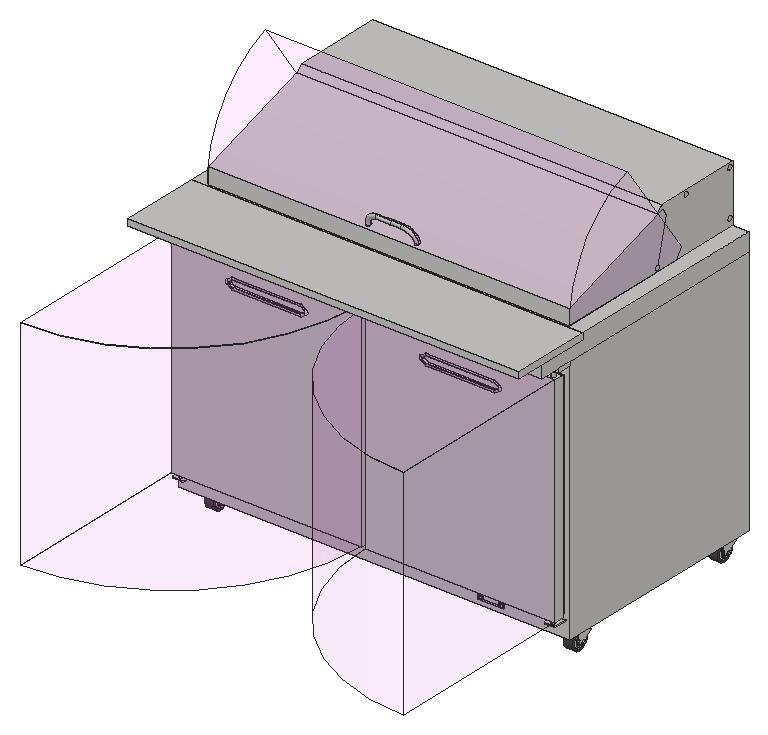
Revit family "QF_Kelvinator_738260_KCHMT48.18_2-Door_Mega_Top_Prep_48_Long", category Specialty Equipment, Revit 2021
Family settings
  Round Connector Dimension = Use Diameter
  Part Type = Normal
  Work Plane-Based = No
  Always vertical = Yes
  Cut with Voids When Loaded = No
  Shared = No
  Room Calculation Point = No
Parameters
  Weight in Pounds = 227.076
  Watts = 700 W
  Volts = 115 V
  URL Cutsheet = ""
  Specification by User = ""
  Specification by Manufacturer = ""
  Serial Number = ""
  Seismic Rating = ""
  SMACNA No = ""
  Revision Code = ""
  Refrigerant Type = "R290"
  Phase = 1
  Number of Poles = 1
  NAFEM Spec ID Number = ""
  Model = "738260 (KCHMT48.18)"
  Min Ckt Ampacity = 0 A
  Max Overcurrent Protection = 0 A
  Masterspec = ""
  Manufacturer = "Kelvinator Commercial"
  Length = 48.228"
  Item Number = "738260"
  Installed By = ""
  Identify Quantity as Lot = yes
  Height = 43.307"
  HP = "1/3"
  Furnished By = ""
  Foodservice Equipment Identifier = yes
  FL Amps = 4.3 A
  Electrical Remarks = ""
  Electric Connection Type = ""
  Elec Conn RI Height = 0.000"
  Elec Conn Connection Height = 0.000"
  Description = "2-Door Mega Top Prep 48\" Long"
  Depth = 35.433"
  Default Elevation = 0.000"
  Cycle = 60 Hz
  Conn Plug = "5-15P"
  Conn Conduit = yes
  CSI MasterFormat = ""
  Apparent Power = 0 VA
Reference planes (in)
  plane 1 "BACK": y = 0
  plane 2: z = 0
  plane 3 "LEFT": x = 0
  plane 4 "RIGHT": x = 48.228
  plane 5 "FRONT": y = -35.433
  plane 6 "TOP": z = 43.307
  plane 7 "Center Y": x = 24.114
  plane 8 "Center X": y = -17.7165
Dimensions and locks (in)
  equal spacing: plane 3 "LEFT", plane 7 "Center Y", plane 4 "RIGHT"
  "Length": plane 3 "LEFT" to plane 4 "RIGHT"
  equal spacing: plane 5 "FRONT", plane 8 "Center X", plane 1 "BACK"
  "Depth": plane 5 "FRONT" to plane 1 "BACK"
  "Height": plane 6 "TOP" to level
  aligned and locked: level to plane 2
Nested families (in)
  nested 1: "KCHST" at (0, 0, 0), type "KCHST"
    with Show Clearance yes
Connectors (in)
  electrical at (24.103, -0.87772, 2.31881), driven by "Volts", driven by "Watts"
    settings: on nested 1, index 1, voltage 115 V, apparent load 700 VA, apparent load phase1 0 VA, apparent load phase2 0 VA, apparent load phase3 0 VA, power factor 1, load classification "Power", number of poles 1, system type 30, power factor state 1, is connector primary yes, connector utility no, sub classification motor no, connector description "Electrical Connection"
Definition of nested family "KCHST"
  Parameters (values of type "KCHST")
    Weight in Pounds = 0
    URL Cutsheet = ""
    Specification by User = ""
    Specification by Manufacturer = ""
    Show Clearance [instance] = yes
    Serial Number = ""
    Seismic Rating = ""
    SMACNA No = ""
    Revision Code = ""
    NAFEM Spec ID Number = ""
    Masterspec = ""
    Length = 48.228"
    Item Number = ""
    Installed By = ""
    Identify Quantity as Lot = yes
    Height = 43.307"
    Furnished By = ""
    Foodservice Equipment Identifier = yes
    Depth = 35.433"
    Default Elevation = 0.000"
    CSI MasterFormat = ""
  Reference planes (in)
    plane 1 "BACK": y = 0
    plane 2: z = 0
    plane 3 "LEFT": x = 0
    plane 4 "RIGHT": x = 48.228
    plane 5 "FRONT": y = -35.433
    plane 6 "TOP": z = 43.307
    plane 7 "Center Y": x = 24.114
    plane 8 "Center X": y = -17.7165
    plane 9: z = 3.1
    plane 10: z = 33.9
    plane 11: y = -25.5
    plane 12: z = 36.2
    plane 13: y = -56
    plane 14: y = -29.2
    plane 15: z = 32.4
    plane 16: z = 5.6
    plane 17: y = -27.5
    plane 18: x = 46.228
    plane 19: x = 2
    plane 20: x = 0.5
    plane 21: x = 47.75
    plane 22: x = 23.875
    plane 23: x = 0.74536
    plane 24: x = 23.62964
    plane 25: x = 12.1875
    plane 26: x = 47.50464
    plane 27: x = 24.62036
    plane 28: x = 36.0625
    plane 29: x = 46.375
    plane 30: x = 1.875
    plane 31: x = 1.945
    plane 32: x = 46.305
    plane 33: y = -31.9
    plane 34: x = 1.17596
    plane 35: through (0, -10.15325, 41.03734) normal (0, 0.9659, -0.2588)
    plane 36: x = 46.43
    plane 37: x = 1.82
  Forms (in)
    Extrusion 1, solid
      sketch origin (0, 0, 0) x (0, 1, 0) y (0, 0, 1)
        loop
          line (-27.5, 33.9) -> (-27.5, 3.1) -> (0, 3.1) -> (0, 33.9) -> (-27.5, 33.9)
      from 0 to 48.228
    Extrusion 2, solid
      sketch origin (0, 0, 0) x (0, 1, 0) y (0, 0, 1)
        loop
          line (-25.5, 36.2) -> (-25.5, 35.45) -> (-31.9, 35.45) -> (-31.9, 33.9) -> (0, 33.9) -> (0, 36.2) -> (-25.5, 36.2)
      from 0 to 48.228
    Extrusion 3, solid
      sketch origin (0, 0, 0) x (0, 1, 0) y (0, 0, 1)
        loop
          line (-35.433, 36.2) -> (-35.433, 35.45) -> (-25.5, 35.45) -> (-25.5, 36.2) -> (-35.433, 36.2)
      from 0 to 48.228
    Extrusion 4, solid
      sketch origin (0, 0, 0) x (0, 1, 0) y (0, 0, 1)
        loop
          line (-25.25, 36.2) -> (-12.40435, 36.2003)
          arc (-12.40435, 36.2003) -> (-12.06401, 36.30019) -> (-11.82007, 36.55768) r 0.68096
          line (-11.82007, 36.55768) -> (-10.4206, 41.90007) -> (-10.85311, 42.7135) -> (-25.25, 38.08871) -> (-25.25, 36.2)
      from 1.875 to 46.375
    Extrusion 5, solid
      sketch origin (0, 0, 0) x (0, 1, 0) y (0, 0, 1)
        loop
          line (-12.40434, 36.2) -> (0, 36.2) -> (0, 43.307) -> (-10.99775, 43.307) -> (-11.56426, 42.49794) -> (-10.85311, 42.7135) -> (-10.4206, 41.90007) -> (-11.82007, 36.55768)
          arc (-11.82007, 36.55768) -> (-12.06401, 36.30019) -> (-12.40434, 36.2) r 0.68096
      from 1.945 to 46.305
    Extrusion 6, solid
      sketch origin (46.375, 4.71875, 0) x (0, 1, 0) y (0, 0, 1)
        loop
          circle (-16.51178, 36.72547) r 0.25
      from 0 to 0.07437
    Extrusion 7, solid
      sketch origin (46.305, -0.03482, 0) x (0, 1, 0) y (0, 0, 1)
        loop
          circle (-0.51178, 37.22547) r 0.25
      from 0 to 0.07
    Extrusion 8, solid
      sketch origin (46.305, -0.03482, 0) x (0, 1, 0) y (0, 0, 1)
        loop
          circle (-0.51178, 42.84497) r 0.25
      from 0 to 0.07
    Extrusion 9, solid
      sketch origin (46.305, -0.03482, 0) x (0, 1, 0) y (0, 0, 1)
        loop
          circle (-7.26178, 42.84497) r 0.25
      from 0 to 0.07
    Extrusion 10, solid
      sketch origin (1.875, 4.71875, 0) x (0, -1, 0) y (0, 0, 1)
        loop
          circle (16.51178, 36.72547) r 0.25
      from 0 to 0.07437
    Extrusion 11, solid
      sketch origin (1.945, 0, 0) x (0, -1, 0) y (0, 0, 1)
        loop
          circle (0.5466, 37.22547) r 0.25
      from 0 to 0.07
    Extrusion 12, solid
      sketch origin (1.945, 0, 0) x (0, -1, 0) y (0, 0, 1)
        loop
          circle (0.5466, 42.84497) r 0.25
      from 0 to 0.07
    Extrusion 13, solid
      sketch origin (1.945, 0, 0) x (0, -1, 0) y (0, 0, 1)
        loop
          circle (7.2966, 42.84497) r 0.25
      from 0 to 0.07
    Sweep 14, solid
      path origin (0, 2.96099, 7.94805) x (1, 0, 0) y (0, -0.29008, 0.957002)
        loop
          line (21.8125, 37.02813) -> (21.8125, 37.18438)
          arc (21.8125, 37.18438) -> (22.03217, 37.71471) -> (22.5625, 37.93438) r 0.75
          line (22.5625, 37.93438) -> (24.4375, 37.93438) -> (25.6875, 37.93438)
          arc (25.6875, 37.93438) -> (26.21783, 37.71471) -> (26.4375, 37.18438) r 0.75
          line (26.4375, 37.18438) -> (26.4375, 37.02813)
      profile origin (25.0625, -8.04303, 44.25134) x (0, -0.29008, 0.957002) y (0, -0.957002, -0.29008)
        loop
          circle (0.69146, 17.59878) r 0.25
    Extrusion 15, solid
      sketch origin (0, 0, 0) x (0, 1, 0) y (0, 0, 1)
        loop
          line (-29.2, 33.9) -> (-29.2, 33.4) -> (-27.5, 33.4) -> (-27.5, 33.9) -> (-29.2, 33.9)
      from 0 to 48.228
    Extrusion 16, solid
      sketch origin (24.114, 6.90541, 48) x (0, 1, 0) y (0, 0, 1)
        loop
          line (-36.10541, -15.6) -> (-36.10541, -42.4) -> (-34.95211, -42.4) -> (-34.95211, -15.6) -> (-36.10541, -15.6)
      from -0.239 to -23.614
    Extrusion 17, solid
      sketch origin (0, 0, 0) x (0, 1, 0) y (0, 0, 1)
        loop
          line (-28.04671, 32.20449) -> (-28.04671, 5.81322) -> (-27.79671, 5.81322) -> (-27.79671, 32.20449) -> (-28.04671, 32.20449)
      from 0.74536 to 23.62964
    Extrusion 18, solid
      sketch origin (0, 0.25, 0) x (0, 1, 0) y (0, 0, 1)
        loop
          line (-28.04671, 32.20449) -> (-28.04671, 5.81322) -> (-27.864, 5.81322) -> (-27.864, 32.20449) -> (-28.04671, 32.20449)
      from 0.74536 to 23.62964
    Extrusion 19, solid
      sketch origin (0, 0.4327, 0) x (0, 1, 0) y (0, 0, 1)
        loop
          line (-28.04671, 32.20449) -> (-28.04671, 5.81322) -> (-27.9327, 5.81322) -> (-27.9327, 32.20449) -> (-28.04671, 32.20449)
      from 0.74536 to 23.62964
    Extrusion 20, solid
      sketch origin (-5.72957, -27.5, -4.77927) x (-1, 0, 0) y (0, 0, 1)
        loop
          line (-42.67533, 9.70772) -> (-45.82493, 9.70772) -> (-45.82493, 8.52662) -> (-42.67533, 8.52662) -> (-42.67533, 9.70772)
        loop
          line (-42.75407, 9.63107) -> (-43.14777, 9.63107) -> (-43.14777, 9.31193) -> (-42.75407, 9.31193) -> (-42.75407, 9.63107)
        loop
          line (-42.75407, 9.27674) -> (-43.14777, 9.27674) -> (-43.14777, 8.9576) -> (-42.75407, 8.9576) -> (-42.75407, 9.27674)
        loop
          line (-42.75407, 8.92241) -> (-43.14777, 8.92241) -> (-43.14777, 8.60327) -> (-42.75407, 8.60327) -> (-42.75407, 8.92241)
        loop
          line (-45.74619, 9.63107) -> (-45.74619, 9.31193) -> (-45.35249, 9.31193) -> (-45.35249, 9.63107) -> (-45.74619, 9.63107)
        loop
          line (-45.74619, 9.27674) -> (-45.74619, 8.9576) -> (-45.35249, 8.9576) -> (-45.35249, 9.27674) -> (-45.74619, 9.27674)
        loop
          line (-45.74619, 8.92241) -> (-45.74619, 8.60327) -> (-45.35249, 8.60327) -> (-45.35249, 8.92241) -> (-45.74619, 8.92241)
        loop
          line (-43.22525, 9.63107) -> (-45.27501, 9.63107) -> (-45.27501, 8.60716) -> (-43.22525, 8.60716) -> (-43.22525, 9.63107)
      from 0.07874 to -0.04602
    Extrusion 21, solid
      sketch origin (-5.72957, -27.54602, -4.77927) x (1, 0, 0) y (0, 0, 1)
        loop
          line (45.35249, 9.63107) -> (45.35249, 9.31193) -> (45.74619, 9.31193) -> (45.74619, 9.63107) -> (45.35249, 9.63107)
        loop
          line (45.35249, 9.27674) -> (45.35249, 8.9576) -> (45.74619, 8.9576) -> (45.74619, 9.27674) -> (45.35249, 9.27674)
        loop
          line (45.35249, 8.92241) -> (45.35249, 8.60327) -> (45.74619, 8.60327) -> (45.74619, 8.92241) -> (45.35249, 8.92241)
        loop
          line (43.14777, 9.63107) -> (42.75407, 9.63107) -> (42.75407, 9.31193) -> (43.14777, 9.31193) -> (43.14777, 9.63107)
        loop
          line (43.14777, 9.27674) -> (42.75407, 9.27674) -> (42.75407, 8.9576) -> (43.14777, 8.9576) -> (43.14777, 9.27674)
        loop
          line (43.14777, 8.92241) -> (42.75407, 8.92241) -> (42.75407, 8.60327) -> (43.14777, 8.60327) -> (43.14777, 8.92241)
      from 0 to -0.07874
    Extrusion 22, solid
      sketch origin (-5.72957, -27.54602, -4.77927) x (1, 0, 0) y (0, 0, 1)
        loop
          line (43.22525, 9.63107) -> (43.22525, 8.60716) -> (45.27501, 8.60716) -> (45.27501, 9.63107) -> (43.22525, 9.63107)
      from 0 to -0.07874
    Extrusion 23, void
      sketch origin (-5.72957, -27.5, -4.77927) x (-1, 0, 0) y (0, 0, 1)
        loop
          line (-42.67533, 9.70772) -> (-45.82493, 9.70772) -> (-45.82493, 8.52662) -> (-42.67533, 8.52662) -> (-42.67533, 9.70772)
      from 0 to 0.07874
    Extrusion 24, void
      sketch origin (-37.40318, -29.19996, 31.5181) x (0, 0, 1) y (1, 0, 0)
        loop
          line (-1.94791, 45.41568) -> (-1.94791, 53.76568) -> (-2.28604, 54.30668)
          arc (-2.28604, 54.30668) -> (-2.38541, 54.36176) -> (-2.48479, 54.30668) r 0.11719
          line (-2.48479, 54.30668) -> (-2.82291, 53.76568) -> (-2.82291, 45.41568) -> (-2.48621, 44.87696)
          arc (-2.48621, 44.87696) -> (-2.38541, 44.82109) -> (-2.28462, 44.87696) r 0.11887
          line (-2.28462, 44.87696) -> (-1.94791, 45.41568)
      from 0 to 0.31887
    Sweep 25, solid
      path origin (-37.40318, -26.39996, 31.5181) x (0, 0, -1) y (1, 0, 0)
        loop
          line (2.82291, 53.76568) -> (2.48479, 54.30668)
          arc (2.48479, 54.30668) -> (2.38541, 54.36176) -> (2.28604, 54.30668) r 0.11719
          line (2.28604, 54.30668) -> (1.94791, 53.76568) -> (1.94791, 45.41568) -> (2.28462, 44.87696)
          arc (2.28462, 44.87696) -> (2.38541, 44.82109) -> (2.48621, 44.87696) r 0.11887
          line (2.48621, 44.87696) -> (2.82291, 45.41568) -> (2.82291, 53.76568)
      profile origin (12.1875, -26.39996, 28.69519) x (0, 0, -1) y (0, -1, 0)
        loop
          line (0, 2.8) -> (0.25, 2.8)
          arc (0.25, 2.8) -> (0.125, 2.85269) -> (0, 2.8) r 0.17461
    Extrusion 26, solid
      sketch origin (-9.65625, -3.56521, 3.1) x (-1, 0, 0) y (0, 1, 0)
        loop
          circle (-33.75925, 2.68749) r 0.25
      from 0 to 0.78119
    Extrusion 27, solid
      sketch origin (24.114, 6.90541, 48) x (0, 1, 0) y (0, 0, -1)
        loop
          line (-36.10541, 15.6) -> (-34.95211, 15.6) -> (-34.95211, 42.4) -> (-36.10541, 42.4) -> (-36.10541, 15.6)
      from -0.25 to -23.625
    Extrusion 28, solid
      sketch origin (48.25, 0, 0) x (0, 1, 0) y (0, 0, -1)
        loop
          line (-28.04671, -32.20449) -> (-27.79671, -32.20449) -> (-27.79671, -5.81322) -> (-28.04671, -5.81322) -> (-28.04671, -32.20449)
      from 0.74536 to 23.62964
    Extrusion 29, solid
      sketch origin (48.25, 0.25, 0) x (0, 1, 0) y (0, 0, -1)
        loop
          line (-28.04671, -32.20449) -> (-27.864, -32.20449) -> (-27.864, -5.81322) -> (-28.04671, -5.81322) -> (-28.04671, -32.20449)
      from 0.74536 to 23.62964
    Extrusion 30, solid
      sketch origin (48.25, 0.4327, 0) x (0, 1, 0) y (0, 0, -1)
        loop
          line (-28.04671, -32.20449) -> (-27.9327, -32.20449) -> (-27.9327, -5.81322) -> (-28.04671, -5.81322) -> (-28.04671, -32.20449)
      from 0.74536 to 23.62964
    Extrusion 31, void
      sketch origin (85.65318, -29.19996, 31.5181) x (0, 0, 1) y (1, 0, 0)
        loop
          line (-1.94791, -45.41568) -> (-2.28462, -44.87696)
          arc (-2.28462, -44.87696) -> (-2.38541, -44.82109) -> (-2.48621, -44.87696) r 0.11887
          line (-2.48621, -44.87696) -> (-2.82291, -45.41568) -> (-2.82291, -53.76568) -> (-2.48479, -54.30668)
          arc (-2.48479, -54.30668) -> (-2.38541, -54.36176) -> (-2.28604, -54.30668) r 0.11719
          line (-2.28604, -54.30668) -> (-1.94791, -53.76568) -> (-1.94791, -45.41568)
      from 0 to 0.31887
    Sweep 32, solid
      path origin (85.65318, -26.39996, 31.5181) x (0, 0, -1) y (1, 0, 0)
        loop
          line (2.82291, -53.76568) -> (2.82291, -45.41568) -> (2.48621, -44.87696)
          arc (2.48621, -44.87696) -> (2.38541, -44.82109) -> (2.28462, -44.87696) r 0.11887
          line (2.28462, -44.87696) -> (1.94791, -45.41568) -> (1.94791, -53.76568) -> (2.28604, -54.30668)
          arc (2.28604, -54.30668) -> (2.38541, -54.36176) -> (2.48479, -54.30668) r 0.11719
          line (2.48479, -54.30668) -> (2.82291, -53.76568)
      profile origin (36.0625, -26.39996, 28.69519) x (0, 0, 1) y (0, -1, 0)
        loop
          arc (0, 2.8) -> (-0.125, 2.85269) -> (-0.25, 2.8) r 0.17461
          line (-0.25, 2.8) -> (0, 2.8)
    Extrusion 33, solid, visible <- "Show Clearance"
      sketch origin (1.875, -180, 49.90154) x (0, 0, 1) y (0, 1, 0)
        loop
          line (-13.70154, 171.19789) -> (-13.70154, 154.75) -> (-12.38464, 154.75)
          arc (-12.38464, 154.75) -> (-5.11815, 157.4002) -> (-0.50452, 163.60825) r 13.48022
          line (-0.50452, 163.60825) -> (-12.54948, 171.94903) -> (-13.70154, 171.19789)
      from 0.055 to -44.555
    Extrusion 34, solid
      sketch origin (24.114, -28.04671, 5.6) x (-1, 0, 0) y (0, 1, 0)
        loop
          arc (0.239, -1.15329) -> (7.08538, -17.68191) -> (23.614, -24.52829) r 23.375
          line (23.614, -24.52829) -> (23.614, -1.15329) -> (0.239, -1.15329)
        loop
          line (-0.261, -1.15329) -> (-23.636, -1.15329) -> (-23.636, -24.52829)
          arc (-23.636, -24.52829) -> (-7.10738, -17.68191) -> (-0.261, -1.15329) r 23.375
      from 0 to -26.8
    Revolve 35, solid
      sketch origin (1.17596, -180, 34.96434) x (0, 0, 1) y (0, -1, 0)
        loop
          line (-2.56434, -151.37665) -> (-2.56434, -151.62665) -> (-1.81434, -151.62665) -> (-1.81434, -151.87665) -> (-1.56434, -151.87665) -> (-1.56434, -151.37665) -> (-2.56434, -151.37665)
        axis (-1.56434, -151.37665) -> (-2.56434, -151.37665)
      angle from 0 to 360
    Revolve 36, solid
      sketch origin (47.07404, -180, 34.96434) x (0, 0, 1) y (0, 1, 0)
        loop
          line (-2.56434, 151.37665) -> (-1.56434, 151.37665) -> (-1.56434, 151.87665) -> (-1.81434, 151.87665) -> (-1.81434, 151.62665) -> (-2.56434, 151.62665) -> (-2.56434, 151.37665)
        axis (-1.56434, 151.37665) -> (-2.56434, 151.37665)
      angle from 0 to 360
    Extrusion 37, solid
      sketch origin (1.17596, -28.62335, 5.1563) x (0, 1, 0) y (1, 0, 0)
        loop
          arc (0.95335, -0.67596) -> (1.07356, -0.62616) -> (1.12335, -0.50596) r 0.17
          line (1.12335, -0.50596) -> (1.12335, 0.92316)
          arc (1.12335, 0.92316) -> (1.05692, 1.05641) -> (0.91052, 1.08354) r 0.16684
          line (0.91052, 1.08354) -> (-0.4535, 0.69241)
          arc (-0.4535, 0.69241) -> (-0.54241, 0.63131) -> (-0.57665, 0.529) r 0.17
          line (-0.57665, 0.529) -> (-0.57665, -0.50596)
          arc (-0.57665, -0.50596) -> (-0.52685, -0.62616) -> (-0.40665, -0.67596) r 0.17
          line (-0.40665, -0.67596) -> (0.95335, -0.67596)
        loop
          line (0.95335, 46.57404) -> (-0.40665, 46.57404)
          arc (-0.40665, 46.57404) -> (-0.52685, 46.52425) -> (-0.57665, 46.40404) r 0.17
          line (-0.57665, 46.40404) -> (-0.57665, 45.36909)
          arc (-0.57665, 45.36909) -> (-0.54241, 45.26678) -> (-0.4535, 45.20568) r 0.17
          line (-0.4535, 45.20568) -> (0.91052, 44.81455)
          arc (0.91052, 44.81455) -> (1.05692, 44.84168) -> (1.12335, 44.97493) r 0.16684
          line (1.12335, 44.97493) -> (1.12335, 46.40404)
          arc (1.12335, 46.40404) -> (1.07356, 46.52425) -> (0.95335, 46.57404) r 0.17
      from 0 to 0.08076
    Revolve 38, solid
      sketch origin (1.17596, -180, 3.03566) x (0, 0, -1) y (0, 1, 0)
        loop
          line (-2.56434, 151.37665) -> (-2.12064, 151.37665) -> (-2.12064, 151.62665) -> (-2.56434, 151.62665) -> (-2.56434, 151.37665)
        axis (-2.12064, 151.37665) -> (-2.56434, 151.37665)
      angle from 0 to 360
    Revolve 39, solid
      sketch origin (47.07404, -180, 3.03566) x (0, 0, -1) y (0, -1, 0)
        loop
          line (-2.56434, -151.37665) -> (-2.56434, -151.62665) -> (-2.12064, -151.62665) -> (-2.12064, -151.37665) -> (-2.56434, -151.37665)
        axis (-2.12064, -151.37665) -> (-2.56434, -151.37665)
      angle from 0 to 360
  Cuts and joins
    Extrusion 23 cuts Extrusion 20
    Extrusion 24, Extrusion 31 cuts Extrusion 16
    Extrusion 31 cuts Extrusion 27
    joined: Extrusion 4, Sweep 14
  Lines and regions (in)
    symbolic lines
      curve 1: line (48.25, -35.433, 0) -> (48.25, 0, 0)
      curve 2: line (48.25, 0, 0) -> (0, 0, 0)
      curve 3: line (0, 0, 0) -> (0, -35.433, 0)
      curve 4: line (0, -25.5, 0) -> (25.94295, -25.5, 0)
      curve 5: line (0, -35.433, 0) -> (48.25, -35.433, 0)
      curve 6: line (0, -25.25, 0) -> (21.67592, -25.25, 0)
      curve 7: line (1.945, -11.09776, 0) -> (46.305, -11.09776, 0)
      curve 8: line (1.945, -10.53125, 0) -> (46.305, -10.53125, 0)
      curve 9: line (46.305, -11.09776, 0) -> (46.305, 0, 0)
      curve 10: line (46.375, -11.54303, 0) -> (46.44937, -11.54303, 0)
      curve 11: line (46.375, -12.04303, 0) -> (46.44937, -12.04303, 0)
      curve 12: line (46.375, -9.9541, 0) -> (46.305, -9.9541, 0)
      curve 13: line (46.375, -10.38661, 0) -> (46.305, -10.38661, 0)
      curve 14: line (46.375, -7.51178, 0) -> (46.305, -7.51178, 0)
      curve 15: line (46.375, -7.01178, 0) -> (46.305, -7.01178, 0)
      curve 16: line (46.375, -0.76178, 0) -> (46.305, -0.76178, 0)
      curve 17: line (46.375, -0.26178, 0) -> (46.305, -0.26178, 0)
      curve 18: spline (20.87104, -24.59101, 0) -> (20.87956, -24.53388, 0) -> (20.90453, -24.48064, 0) -> (20.94426, -24.43492, 0) -> (20.99604, -24.39984, 0) -> (21.05634, -24.37779, 0) -> (21.12104, -24.37027, 0) -> (21.18575, -24.37779, 0) -> (21.24604, -24.39984, 0) -> (21.29782, -24.43492, 0) -> (21.33755, -24.48064, 0) -> (21.36252, -24.53388, 0) -> (21.37104, -24.59101, 0)
      curve 19: spline (26.87896, -24.59101, 0) -> (26.88748, -24.53388, 0) -> (26.91245, -24.48064, 0) -> (26.95218, -24.43492, 0) -> (27.00396, -24.39984, 0) -> (27.06425, -24.37779, 0) -> (27.12896, -24.37027, 0) -> (27.19366, -24.37779, 0) -> (27.25396, -24.39984, 0) -> (27.30574, -24.43492, 0) -> (27.34547, -24.48064, 0) -> (27.37044, -24.53388, 0) -> (27.37896, -24.59101, 0)
      curve 20: line (24.125, -24.83838, 0) -> (25.74335, -24.83838, 0)
      curve 21: line (24.125, -25.33177, 0) -> (25.875, -25.33177, 0)
      curve 22: line (27.37896, -24.59101, 0) -> (27.37896, -24.6221, 0)
      curve 23: line (26.87896, -24.59101, 0) -> (26.87896, -24.6221, 0)
      curve 24: arc (27.37896, -24.6221, 0) -> (27.32166, -24.83675, 0) -> (27.19407, -25.01861, 0) r 0.63628
      curve 25: line (24.125, -24.83838, 0) -> (22.50665, -24.83838, 0)
      curve 26: line (24.125, -25.33177, 0) -> (22.375, -25.33177, 0)
      curve 27: line (20.87104, -24.59101, 0) -> (20.87104, -24.6221, 0)
      curve 28: line (21.37104, -24.59101, 0) -> (21.37104, -24.6221, 0)
      curve 29: arc (20.87104, -24.6221, 0) -> (20.92834, -24.83675, 0) -> (21.05593, -25.01861, 0) r 0.63628
      curve 30: line (26.57408, -25.25, 0) -> (48.25, -25.25, 0)
      curve 31: line (25.94295, -25.5, 0) -> (48.25, -25.5, 0)
      curve 32: line (46.375, -7.01178, 0) -> (46.375, -7.51178, 0)
      curve 33: line (46.375, -9.9541, 0) -> (46.375, -25.25, 0)
      curve 34: line (46.44937, -11.54303, 0) -> (46.44937, -12.04303, 0)
      curve 35: line (46.375, -0.76178, 0) -> (46.375, -0.26178, 0)
      curve 36: line (1.945, -11.09776, 0) -> (1.945, 0, 0)
      curve 37: line (1.875, -11.54303, 0) -> (1.80063, -11.54303, 0)
      curve 38: line (1.875, -12.04303, 0) -> (1.80063, -12.04303, 0)
      curve 39: line (1.875, -9.9541, 0) -> (1.945, -9.9541, 0)
      curve 40: line (1.875, -10.38661, 0) -> (1.945, -10.38661, 0)
      curve 41: line (1.875, -7.5466, 0) -> (1.945, -7.5466, 0)
      curve 42: line (1.875, -7.01178, 0) -> (1.945, -7.01178, 0)
      curve 43: line (1.875, -0.7966, 0) -> (1.945, -0.7966, 0)
      curve 44: line (1.875, -0.26178, 0) -> (1.945, -0.26178, 0)
      curve 45: line (1.875, -7.0466, 0) -> (1.875, -7.5466, 0)
      curve 46: line (1.875, -9.9541, 0) -> (1.875, -25.25, 0)
      curve 47: line (1.80063, -11.54303, 0) -> (1.80063, -12.04303, 0)
      curve 48: line (1.875, -0.76178, 0) -> (1.875, -0.26178, 0)
      curve 49: arc (26.87896, -24.6221, 0) -> (26.69483, -24.70788, 0) -> (26.49865, -24.76053, 0) r 1.17053
      curve 50: arc (26.49865, -24.76053, 0) -> (26.23891, -24.79945, 0) -> (25.97747, -24.82452, 0) r 4.94283
      curve 51: arc (25.97747, -24.82452, 0) -> (25.86044, -24.83203, 0) -> (25.74335, -24.83838, 0) r 11.84778
      curve 52: arc (27.19407, -25.01861, 0) -> (26.97176, -25.13471, 0) -> (26.73381, -25.21397, 0) r 1.57185
      curve 53: arc (26.73381, -25.21397, 0) -> (26.30751, -25.29552, 0) -> (25.875, -25.33177, 0) r 4.1201
      curve 54: line (21.37104, -24.59101, 0) -> (21.37104, -24.6221, 0)
      curve 55: arc (21.37104, -24.6221, 0) -> (21.55517, -24.70788, 0) -> (21.75135, -24.76053, 0) r 1.17053
      curve 56: arc (21.75135, -24.76053, 0) -> (22.01109, -24.79945, 0) -> (22.27253, -24.82452, 0) r 4.94283
      curve 57: arc (22.27253, -24.82452, 0) -> (22.38956, -24.83203, 0) -> (22.50665, -24.83838, 0) r 11.84778
      curve 58: arc (21.05593, -25.01861, 0) -> (21.27824, -25.13471, 0) -> (21.51619, -25.21397, 0) r 1.57185
      curve 59: arc (21.51619, -25.21397, 0) -> (21.94249, -25.29552, 0) -> (22.375, -25.33177, 0) r 4.1201
      curve 60: arc (23.02866, -35.433, 0) -> (22.05919, -38.23281, 0) -> (20.74334, -40.8875, 0) r 23.375
      curve 61: line (11.29587, -35.433, 0) -> (20.74334, -40.8875, 0)
      curve 62: arc (25.22134, -35.433, 0) -> (26.19081, -38.23281, 0) -> (27.50666, -40.8875, 0) r 23.375
      curve 63: line (36.95413, -35.433, 0) -> (27.50666, -40.8875, 0)
  Dimensions and locks (in)
    equal spacing: plane 3 "LEFT", plane 7 "Center Y", plane 4 "RIGHT"
    "Length": plane 3 "LEFT" to plane 4 "RIGHT"
    equal spacing: plane 5 "FRONT", plane 8 "Center X", plane 1 "BACK"
    "Depth": plane 5 "FRONT" to plane 1 "BACK"
    "Height": plane 6 "TOP" to level
    level to plane 9 = 3.100"
    plane 10 to plane 9 = 30.800"
    plane 6 "TOP" to plane 10 = 9.407"
    plane 5 "FRONT" to plane 1 "BACK" = 35.433"
    plane 11 to plane 1 "BACK" = 25.500"
    plane 10 to plane 12 = 2.300"
    plane 13 to plane 1 "BACK" = 56.000"
    plane 16 to plane 15 = 26.800"
    locked: plane 4 "RIGHT" to plane 18 at 2
    locked: plane 3 "LEFT" to plane 19 at 2
    plane 20 to plane 21 = 47.250"
    plane 30 to plane 29 = 44.500"
    plane 33 to plane 1 "BACK" = 31.900"
    Extrusion 33 to plane 36 = 0.000"
    aligned and locked: level to plane 2
    aligned and locked: plane 18 to nested 3
    aligned and locked: plane 18 to nested 1
    aligned and locked: nested 4 to plane 19
    aligned and locked: nested 2 to plane 19
    aligned and locked: Extrusion 1 to plane 4 "RIGHT"
    aligned and locked: Extrusion 2 to plane 4 "RIGHT"
    aligned and locked: Extrusion 15 to plane 4 "RIGHT"
    aligned and locked: Extrusion 3 to plane 4 "RIGHT"
    aligned and locked: cut or joined group of Extrusion 16, Extrusion 24, Extrusion 31 to plane 20
    aligned and locked: plane 22 to cut or joined group of Extrusion 16, Extrusion 24, Extrusion 31
    aligned and locked: Extrusion 18 to plane 24
    aligned and locked: Extrusion 17 to plane 24
    aligned and locked: Extrusion 19 to plane 24
    aligned and locked: plane 27 to Extrusion 29
    aligned and locked: plane 27 to Extrusion 28
    aligned and locked: plane 27 to Extrusion 30
    aligned and locked: cut or joined group of Extrusion 4, Sweep 14 to plane 29
    aligned and locked: plane 30 to cut or joined group of Extrusion 4, Sweep 14
    aligned and locked: plane 31 to Extrusion 5
    aligned and locked: Extrusion 5 to plane 32
  Automatic sketch dimensions
    plane 9 to Extrusion 1 sketch curve = 0.000"
    Extrusion 1 sketch curve to plane 17 = 0.000"
    Extrusion 1 sketch curve to plane 1 "BACK" = 0.000"
    Extrusion 1 sketch curve to plane 10 = 0.000"
    Extrusion 2 sketch curve to plane 10 = 0.000"
    Extrusion 2 sketch curve to plane 33 = 0.000"
    Extrusion 2 sketch curve to plane 11 = 0.000"
    Extrusion 2 sketch curve to plane 1 "BACK" = 0.000"
    plane 12 to Extrusion 2 sketch curve = 0.000"
    Extrusion 2 sketch curve to Extrusion 2 sketch curve = 0.750"
    Extrusion 3 sketch curve to plane 5 "FRONT" = 0.000"
    Extrusion 3 sketch curve to plane 11 = 0.000"
    plane 12 to Extrusion 3 sketch curve = 0.000"
    Extrusion 3 sketch curve to Extrusion 3 sketch curve = 0.750"
    plane 12 to Extrusion 4 sketch curve = 0.000"
    Extrusion 4 sketch curve to plane 11 = 0.250"
    Extrusion 4 sketch curve to plane 12 = 0.6811"
    plane 8 "Center X" to Extrusion 4 sketch curve = 5.29717"
    Extrusion 4 sketch curve to plane 12 = 0.35768"
    Extrusion 4 sketch curve to Extrusion 4 sketch curve = 0.59925"
    Extrusion 4 sketch curve to plane 6 "TOP" = 0.5935"
    Extrusion 4 sketch curve to Extrusion 4 sketch curve = 1.56621"
    Extrusion 4 sketch curve to plane 6 "TOP" = 1.40693"
    Extrusion 4 sketch curve to Extrusion 4 sketch curve = 0.43251"
    Extrusion 4 sketch curve to plane 12 = 1.88871"
    Extrusion 4 sketch curve to plane 12 = 0.0003"
    Extrusion 4 sketch curve to Extrusion 4 sketch curve = 0.00001"
    plane 12 to Extrusion 5 sketch curve = 0.000"
    Extrusion 5 sketch curve to plane 6 "TOP" = 0.000"
    Extrusion 5 sketch curve to plane 1 "BACK" = 0.000"
    Extrusion 5 sketch curve to plane 6 "TOP" = 1.40693"
    plane 8 "Center X" to Extrusion 5 sketch curve = 7.2959"
    Extrusion 5 sketch curve to plane 6 "TOP" = 0.5935"
    Extrusion 5 sketch curve to Extrusion 5 sketch curve = 0.43251"
    Extrusion 5 sketch curve to Extrusion 5 sketch curve = 0.14464"
    Extrusion 5 sketch curve to plane 6 "TOP" = 0.80906"
    Extrusion 5 sketch curve to Extrusion 5 sketch curve = 0.71115"
    Extrusion 5 sketch curve to plane 12 = 0.35768"
    Extrusion 5 sketch curve to Extrusion 5 sketch curve = 1.39947"
    Extrusion 5 sketch curve to Extrusion 5 sketch curve = 0.59925"
    Extrusion 5 sketch curve to Extrusion 5 sketch curve = 0.32342"
    Extrusion 5 sketch curve to Extrusion 5 sketch curve = 0.01499"
    Extrusion 5 sketch curve to plane 12 = 0.0003"
    Extrusion 6 sketch curve to Extrusion 4 = 0.52547"
    Extrusion 6 sketch curve to Extrusion 4 = 13.45697"
    Extrusion 7 sketch curve to Extrusion 5 = 0.5466"
    Extrusion 7 sketch curve to Extrusion 5 = 1.02547"
    Extrusion 8 sketch curve to Extrusion 5 = 0.5466"
    Extrusion 8 sketch curve to Extrusion 5 = 0.46203"
    Extrusion 9 sketch curve to Extrusion 5 = 0.46203"
    Extrusion 9 sketch curve to Extrusion 5 = 7.2966"
    Extrusion 10 sketch curve to Extrusion 4 = 0.52547"
    Extrusion 10 sketch curve to Extrusion 4 = 13.45697"
    Extrusion 11 sketch curve to Extrusion 5 = 0.5466"
    Extrusion 11 sketch curve to Extrusion 5 = 1.02547"
    Extrusion 12 sketch curve to Extrusion 5 = 0.5466"
    Extrusion 12 sketch curve to Extrusion 5 = 0.46203"
    Extrusion 13 sketch curve to Extrusion 5 = 0.46203"
    Extrusion 13 sketch curve to Extrusion 5 = 7.2966"
    plane 24 to Sweep 14 sketch curve = 1.81714"
    Sweep 14 sketch curve to Sweep 14 sketch curve = 0.750"  (x2)
    Sweep 14 sketch curve to plane 27 = 0.18286"
    plane 27 to Sweep 14 sketch curve = 1.06714"
    Sweep 14 sketch curve to Sweep 14 sketch curve = 0.15625"  (x2)
    Sweep 14 sketch curve to profile plane = 0.69146"
    profile plane to Sweep 14 sketch curve = 17.59878"
    Extrusion 15 sketch curve to plane 10 = 0.000"
    Extrusion 15 sketch curve to plane 14 = 0.000"
    Extrusion 15 sketch curve to plane 17 = 0.000"
    Extrusion 15 sketch curve to Extrusion 15 sketch curve = 0.500"
    Extrusion 16 sketch curve to plane 14 = 0.000"
    plane 16 to Extrusion 16 sketch curve = 0.000"
    plane 15 to Extrusion 16 sketch curve = 0.000"
    Extrusion 16 sketch curve to plane 17 = 0.54671"
    Extrusion 17 sketch curve to plane 16 = 0.21322"
    Extrusion 17 sketch curve to plane 17 = 0.54671"
    Extrusion 17 sketch curve to Extrusion 17 sketch curve = 0.250"
    plane 15 to Extrusion 17 sketch curve = 0.19551"
    Extrusion 18 sketch curve to plane 17 = 0.29671"
    Extrusion 18 sketch curve to plane 17 = 0.114"
    Extrusion 18 sketch curve to plane 16 = 0.21322"
    plane 15 to Extrusion 18 sketch curve = 0.19551"
    Extrusion 19 sketch curve to plane 17 = 0.000"
    Extrusion 19 sketch curve to Extrusion 19 sketch curve = 0.114"
    Extrusion 19 sketch curve to plane 16 = 0.21322"
    plane 15 to Extrusion 19 sketch curve = 0.19551"
    plane 16 to Extrusion 20 sketch curve = 0.67154"
    Extrusion 20 sketch curve to plane 28 = 4.03286"
    Extrusion 20 sketch curve to Extrusion 20 sketch curve = 0.07874"  (x3)
    Extrusion 20 sketch curve to Extrusion 20 sketch curve = 0.000"  (x8)
    Extrusion 20 sketch curve to Extrusion 20 sketch curve = 0.3937"  (x2)
    Extrusion 20 sketch curve to Extrusion 20 sketch curve = 0.07748"  (x3)
    Extrusion 20 sketch curve to plane 28 = 1.43318"
    Extrusion 20 sketch curve to Extrusion 20 sketch curve = 0.07665"  (x2)
    Extrusion 20 sketch curve to Extrusion 20 sketch curve = 0.31914"  (x6)
    Extrusion 20 sketch curve to Extrusion 20 sketch curve = 0.03519"  (x4)
    Extrusion 20 sketch curve to Extrusion 20 sketch curve = 0.31525"
    Extrusion 20 to Extrusion 21 sketch curve = 0.000"  (x10)
    Extrusion 21 sketch curve to Extrusion 20 = 0.000"  (x14)
    Extrusion 22 sketch curve to Extrusion 20 = 0.000"  (x3)
    Extrusion 20 to Extrusion 22 sketch curve = 0.000"
    plane 16 to Extrusion 23 sketch curve = 0.67154"
    Extrusion 23 sketch curve to plane 28 = 4.03286"
    Extrusion 23 sketch curve to plane 28 = 0.88326"
    Extrusion 23 sketch curve to plane 9 = 0.64735"
    plane 15 to Extrusion 24 sketch curve = 3.70481"
    Extrusion 24 sketch curve to Extrusion 24 sketch curve = 0.3367"
    Extrusion 24 sketch curve to Extrusion 24 sketch curve = 0.33813"  (x2)
    Extrusion 24 sketch curve to Extrusion 24 sketch curve = 0.09937"  (x2)
    Extrusion 24 sketch curve to Extrusion 24 sketch curve = 0.1008"  (x2)
    Extrusion 24 sketch curve to plane 25 = 4.71372"
    Extrusion 24 sketch curve to Extrusion 24 sketch curve = 0.063"
    Extrusion 24 sketch curve to Extrusion 24 sketch curve = 0.53872"  (x2)
    plane 25 to Extrusion 24 sketch curve = 4.175"
    Extrusion 24 sketch curve to Extrusion 24 sketch curve = 0.000"
    Extrusion 24 sketch curve to Extrusion 24 sketch curve = 0.47889"
    Extrusion 24 sketch curve to Extrusion 24 sketch curve = 0.06211"
    plane 15 to Sweep 25 sketch curve = 2.82981"
    Sweep 25 sketch curve to Sweep 25 sketch curve = 0.3367"
    Sweep 25 sketch curve to Sweep 25 sketch curve = 0.33813"  (x2)
    Sweep 25 sketch curve to Sweep 25 sketch curve = 0.09937"  (x2)
    Sweep 25 sketch curve to Sweep 25 sketch curve = 0.1008"  (x2)
    Sweep 25 sketch curve to plane 25 = 4.71372"
    Sweep 25 sketch curve to Sweep 25 sketch curve = 0.063"
    Sweep 25 sketch curve to Sweep 25 sketch curve = 0.53872"  (x2)
    plane 25 to Sweep 25 sketch curve = 4.175"
    Sweep 25 sketch curve to Sweep 25 sketch curve = 0.000"
    Sweep 25 sketch curve to Sweep 25 sketch curve = 0.47889"
    Sweep 25 sketch curve to Sweep 25 sketch curve = 0.06211"
    Sweep 25 sketch curve to profile plane = 0.000"
    Sweep 25 sketch curve to profile plane = 0.125"
    profile plane to Sweep 25 sketch curve = 2.67809"
    Sweep 25 sketch curve to Sweep 25 sketch curve = 0.12191"
    Extrusion 1 to Extrusion 26 sketch curve = 0.87772"
    Extrusion 26 sketch curve to Extrusion 1 = 24.125"
    Extrusion 27 sketch curve to plane 14 = 0.000"
    plane 16 to Extrusion 27 sketch curve = 0.000"
    plane 15 to Extrusion 27 sketch curve = 0.000"
    Extrusion 27 sketch curve to plane 17 = 0.54671"
    Extrusion 28 sketch curve to plane 16 = 0.21322"
    Extrusion 28 sketch curve to plane 17 = 0.54671"
    Extrusion 28 sketch curve to Extrusion 28 sketch curve = 0.250"
    plane 15 to Extrusion 28 sketch curve = 0.19551"
    Extrusion 29 sketch curve to plane 17 = 0.29671"
    Extrusion 29 sketch curve to plane 17 = 0.114"
    plane 15 to Extrusion 29 sketch curve = 0.19551"
    Extrusion 29 sketch curve to plane 16 = 0.21322"
    Extrusion 30 sketch curve to plane 17 = 0.000"
    Extrusion 30 sketch curve to Extrusion 30 sketch curve = 0.114"
    plane 15 to Extrusion 30 sketch curve = 0.19551"
    Extrusion 30 sketch curve to plane 16 = 0.21322"
    plane 15 to Extrusion 31 sketch curve = 3.70481"
    Extrusion 31 sketch curve to Extrusion 31 sketch curve = 0.3367"
    Extrusion 31 sketch curve to Extrusion 31 sketch curve = 0.33813"  (x2)
    Extrusion 31 sketch curve to Extrusion 31 sketch curve = 0.09937"  (x2)
    Extrusion 31 sketch curve to Extrusion 31 sketch curve = 0.1008"  (x2)
    plane 28 to Extrusion 31 sketch curve = 4.716"
    Extrusion 31 sketch curve to Extrusion 31 sketch curve = 0.06211"
    Extrusion 31 sketch curve to Extrusion 31 sketch curve = 0.541"  (x2)
    Extrusion 31 sketch curve to plane 28 = 4.175"
    Extrusion 31 sketch curve to Extrusion 31 sketch curve = 0.000"
    Extrusion 31 sketch curve to Extrusion 31 sketch curve = 0.47572"
    Extrusion 31 sketch curve to Extrusion 31 sketch curve = 0.063"
    plane 15 to Sweep 32 sketch curve = 2.82981"
    Sweep 32 sketch curve to Sweep 32 sketch curve = 0.3367"
    Sweep 32 sketch curve to Sweep 32 sketch curve = 0.33813"  (x2)
    Sweep 32 sketch curve to Sweep 32 sketch curve = 0.09937"  (x2)
    Sweep 32 sketch curve to Sweep 32 sketch curve = 0.1008"  (x2)
    plane 28 to Sweep 32 sketch curve = 4.716"
    Sweep 32 sketch curve to Sweep 32 sketch curve = 0.06211"
    Sweep 32 sketch curve to Sweep 32 sketch curve = 0.541"  (x2)
    Sweep 32 sketch curve to plane 28 = 4.175"
    Sweep 32 sketch curve to Sweep 32 sketch curve = 0.000"
    Sweep 32 sketch curve to Sweep 32 sketch curve = 0.47572"
    Sweep 32 sketch curve to Sweep 32 sketch curve = 0.063"
    profile plane to Sweep 32 sketch curve = 0.000"
    profile plane to Sweep 32 sketch curve = 0.125"
    profile plane to Sweep 32 sketch curve = 2.67809"
    Sweep 32 sketch curve to Sweep 32 sketch curve = 0.12191"
    Extrusion 16 to Extrusion 34 sketch curve = 0.000"  (x2)
    Extrusion 34 sketch curve to Extrusion 16 = 0.000"  (x2)
    Extrusion 34 sketch curve to Extrusion 34 sketch curve = 0.500"
    Extrusion 16 to Extrusion 34 sketch curve = 23.375"
    plane 15 to Revolve 35 sketch curve = 0.000"
    Revolve 35 sketch curve to plane 10 = 0.750"
    Revolve 35 sketch curve to Revolve 35 sketch curve = 0.250"  (x3)
    Revolve 35 sketch curve to plane 17 = 0.62335"
    Revolve 35 sketch curve to Revolve 35 sketch curve = 0.18797"
    Revolve 35 sketch curve to Revolve 35 sketch curve = 0.000"  (x2)
    plane 15 to Revolve 36 sketch curve = 0.000"
    Revolve 36 sketch curve to plane 10 = 0.750"
    Revolve 36 sketch curve to Revolve 36 sketch curve = 0.250"  (x3)
    plane 14 to Revolve 36 sketch curve = 0.57665"
    Revolve 36 sketch curve to Revolve 36 sketch curve = 0.18797"
    Revolve 36 sketch curve to Revolve 36 sketch curve = 0.000"  (x2)
    Revolve 38 sketch curve to plane 16 = 0.000"
    plane 14 to Revolve 38 sketch curve = 0.57665"
    Revolve 38 sketch curve to Revolve 38 sketch curve = 0.250"
    Revolve 38 sketch curve to Revolve 38 sketch curve = 0.36833"
    Revolve 38 sketch curve to Revolve 38 sketch curve = 0.5563"
    Revolve 38 sketch curve to Revolve 38 sketch curve = 0.000"
    Revolve 39 sketch curve to plane 16 = 0.000"
    Revolve 39 sketch curve to Revolve 39 sketch curve = 0.250"
    Revolve 39 sketch curve to Revolve 39 sketch curve = 0.36833"
    Revolve 39 sketch curve to Revolve 39 sketch curve = 0.5563"
    Revolve 39 sketch curve to Revolve 39 sketch curve = 0.000"
    Extrusion 37 sketch curve to Revolve 38 = 46.40404"
    Revolve 38 to Extrusion 37 sketch curve = 0.50596"  (x2)
    Extrusion 37 sketch curve to Extrusion 37 sketch curve = 0.000"
    Extrusion 37 sketch curve to Revolve 38 = 45.20568"
    Extrusion 37 sketch curve to Extrusion 37 sketch curve = 0.12314"  (x2)
    Extrusion 37 sketch curve to Revolve 38 = 0.69241"
    Extrusion 37 sketch curve to Extrusion 37 sketch curve = 0.170"  (x4)
    Extrusion 37 sketch curve to Revolve 38 = 1.08354"
    Extrusion 37 sketch curve to Extrusion 37 sketch curve = 1.36403"  (x2)
    Extrusion 37 sketch curve to Revolve 38 = 44.81455"
    Extrusion 37 sketch curve to Extrusion 37 sketch curve = 1.360"  (x2)
    Extrusion 37 sketch curve to Extrusion 37 sketch curve = 0.04599"
    Extrusion 37 sketch curve to Extrusion 37 sketch curve = 0.16684"  (x2)
    plane 16 to Revolve 38 sketch curve = 0.4437"
    plane 16 to Revolve 39 sketch curve = 0.4437"
    plane 14 to Revolve 39 sketch curve = 0.82665"
    curve 6 to plane 3 "LEFT" = 0.000"
    curve 60 to plane 14 = 0.000"
    curve 60 to plane 20 = 0.000"
    curve 44 to plane 30 = 0.000"
    curve 45 to plane 30 = 0.000"
    curve 43 to plane 30 = 0.000"
    curve 42 to plane 30 = 0.000"
    curve 37 to plane 30 = 0.000"
    curve 40 to plane 31 = 0.000"
    plane 11 to curve 31 = 0.000"
    curve 8 to plane 32 = 0.000"
    curve 17 to plane 29 = 0.000"
    curve 15 to plane 29 = 0.000"
    curve 33 to plane 29 = 0.000"
    curve 62 to plane 14 = 0.000"
    curve 62 to plane 21 = 0.000"
    plane 1 "BACK" to curve 2 = 0.000"
    plane 30 to curve 47 = 0.07437"
    plane 24 to curve 61 = 2.88629"
    curve 27 to plane 11 = 0.8779"
    plane 24 to curve 27 = 2.7586"
    curve 18 to curve 54 = 0.500"
    curve 18 to curve 29 = 0.13396"
    curve 29 to curve 58 = 0.38741"
    curve 58 to curve 55 = 0.0631"
    curve 26 to plane 11 = 0.16823"
    curve 29 to curve 26 = 0.870"
    plane 24 to curve 59 = 1.1273"
    curve 26 to curve 25 = 0.13165"
    plane 24 to curve 56 = 1.01617"
    plane 24 to curve 57 = 0.53989"
    plane 7 "Center Y" to curve 26 = 0.011"
    plane 7 "Center Y" to curve 25 = 0.011"
    plane 27 to curve 51 = 0.53989"
    plane 27 to curve 50 = 1.01617"
    curve 20 to plane 11 = 0.66162"
    plane 27 to curve 20 = 1.12298"
    plane 27 to curve 53 = 1.1273"
    curve 20 to curve 21 = 0.13165"
    curve 21 to curve 31 = 0.06795"
    curve 20 to curve 49 = 0.55114"
    curve 49 to curve 52 = 0.0631"
    curve 52 to curve 24 = 0.38741"
    curve 24 to curve 23 = 0.13396"
    curve 23 to curve 22 = 0.500"
    plane 27 to curve 63 = 2.88629"
    curve 10 to curve 34 = 0.07437"
    curve 5 to plane 4 "RIGHT" = 0.022"
    curve 1 to plane 5 "FRONT" = 0.000"
    plane 5 "FRONT" to curve 63 = 5.4545"
    plane 5 "FRONT" to curve 61 = 5.4545"
    curve 22 to plane 11 = 0.8779"
    curve 27 to curve 54 = 0.000"
    curve 23 to curve 24 = 0.000"
    curve 23 to curve 23 = 0.03109"
    curve 28 to curve 28 = 0.03109"
    curve 19 to curve 24 = 0.02317"
    curve 18 to curve 29 = 0.02317"
    curve 29 to curve 58 = 0.88003"
    curve 24 to curve 52 = 0.88003"
    curve 52 to curve 49 = 0.07988"
    curve 58 to curve 55 = 0.07988"
    curve 55 to curve 59 = 2.3943"
    curve 49 to curve 53 = 2.3943"
    curve 59 to curve 56 = 1.32018"
    curve 53 to curve 50 = 1.32018"
    plane 8 "Center X" to curve 57 = 4.71155"
    curve 57 to curve 51 = 0.000"
    plane 8 "Center X" to curve 38 = 5.67347"
    plane 8 "Center X" to curve 11 = 5.67347"
    curve 11 to curve 34 = 0.500"
    curve 38 to curve 37 = 0.500"
    curve 10 to curve 7 = 0.44527"
    curve 7 to curve 39 = 1.14366"
    curve 7 to curve 12 = 1.14366"
    curve 39 to curve 45 = 2.4075"
    curve 12 to curve 14 = 2.44232"
    curve 14 to curve 32 = 0.500"
    plane 1 "BACK" to curve 35 = 0.76178"
    plane 1 "BACK" to curve 17 = 0.26178"
    plane 1 "BACK" to curve 48 = 0.26178"
    curve 61 to plane 25 = 0.89163"
    curve 29 to curve 18 = 0.06511"
    curve 59 to curve 6 = 0.15973"
    curve 56 to curve 55 = 0.000"
    curve 50 to curve 51 = 0.000"
    curve 30 to curve 53 = 0.15973"
    curve 52 to curve 53 = 0.000"
    curve 63 to plane 28 = 0.89163"
    curve 7 to curve 8 = 0.56651"
    curve 8 to curve 40 = 0.14464"
    curve 8 to curve 13 = 0.14464"
    curve 41 to curve 45 = 0.500"
    curve 45 to curve 42 = 0.03482"
    curve 43 to curve 44 = 0.53482"
    curve 43 to curve 48 = 0.03482"
    plane 12 to Extrusion 33 sketch curve = 0.000"
    plane 12 to Extrusion 33 sketch curve = 0.52547"
    plane 12 to Extrusion 33 sketch curve = 1.15206"
    plane 11 to Extrusion 33 sketch curve = 0.250"
    plane 12 to Extrusion 33 sketch curve = 1.3169"
    Extrusion 33 sketch curve to plane 8 "Center X" = 1.32475"
    Extrusion 33 sketch curve to plane 6 "TOP" = 6.09002"
    Extrusion 33 sketch curve to Extrusion 33 sketch curve = 2.99093"
    Extrusion 33 sketch curve to Extrusion 33 sketch curve = 0.75114"
    radius of Extrusion 6 sketch curve = 0.250"
    radius of Extrusion 7 sketch curve = 0.250"
    radius of Extrusion 8 sketch curve = 0.250"
    radius of Extrusion 9 sketch curve = 0.250"
    radius of Extrusion 10 sketch curve = 0.250"
    radius of Extrusion 11 sketch curve = 0.250"
    radius of Extrusion 12 sketch curve = 0.250"
    radius of Extrusion 13 sketch curve = 0.250"
    radius of Sweep 14 sketch curve = 0.250"
    radius of Extrusion 26 sketch curve = 0.250"
  Nested families (in)
    nested 1: "3 INCHES 01_CASTER" at (46.228, -24.75, 0), type "3 INCHES 01_CASTER"
      with Type Mark "", Specification by User "", Revision Code "", Item Number "", Installed By "", Identify Quantity as Lot yes, Furnished By "", Foodservice Equipment Identifier yes, 3 Inches Caster yes
    nested 2: "3 INCHES 01_CASTER" at (2, -24.75, 0), type "3 INCHES 01_CASTER"
      with Type Mark "", Specification by User "", Revision Code "", Item Number "", Installed By "", Identify Quantity as Lot yes, Furnished By "", Foodservice Equipment Identifier yes, 3 Inches Caster yes
    nested 3: "3 INCHES 01_CASTER" at (46.228, -2.375, 0), type "3 INCHES 01_CASTER"
      with Type Mark "", Specification by User "", Revision Code "", Item Number "", Installed By "", Identify Quantity as Lot yes, Furnished By "", Foodservice Equipment Identifier yes, 3 Inches Caster yes
    nested 4: "3 INCHES 01_CASTER" at (2, -2.375, 0), type "3 INCHES 01_CASTER"
      with Type Mark "", Specification by User "", Revision Code "", Item Number "", Installed By "", Identify Quantity as Lot yes, Furnished By "", Foodservice Equipment Identifier yes, 3 Inches Caster yes
  Definition of nested family "3 INCHES 01_CASTER"
    Parameters (values of type "3 INCHES 01_CASTER")
      Weight = ""
      URL Manufacturer = ""
      URL Cutsheet = ""
      URL = ""
      Type Mark [instance] = ""
      Specification by User [instance] = ""
      Specification by Manufacturer = ""
      Serial Number = ""
      Seismic Rating = ""
      SMACNA No = ""
      Revision Code [instance] = ""
      Omniclass Number and Title = ""
      NAFEM Spec ID Number = ""
      Model = ""
      MasterSpec. = ""
      Manufacturer = ""
      Item Number [instance] = ""
      Installed By [instance] = ""
      Identify Quantity as Lot [instance] = yes
      Furnished By [instance] = ""
      Foodservice Equipment Identifier [instance] = yes
      Description = ""
      Default Elevation = 0.000"
      CSI MasterFormat = ""
      CSI Master Format = ""
      Assembly Code = ""
      3 Inches Caster [instance] = yes
    Reference planes (in)
      plane 1: z = 0
      plane 2 "RIGHT": x = 0
      plane 3 "FRONT": y = 0
      plane 4 "TOP": z = 3.1
    Forms (in)
      Revolve 1, solid, visible <- "3 Inches Caster"
        sketch origin (-1.93794, 0.56004, -1.0041) x (1, 0, 0) y (0, 0, 1)
          loop
            line (0.74055, 2.11347) -> (0.74055, 2.03797) -> (0.79055, 1.98797) -> (0.85055, 1.98797) -> (0.85055, 1.8679) -> (1.235, 1.8679) -> (1.235, 1.7068) -> (1.36441, 1.63209) -> (1.4003, 1.41035) -> (1.34375, 1.41035) -> (1.34375, 1.28535) -> (1.375, 1.28535) -> (1.375, 1.0041) -> (2.48438, 1.0041) -> (2.48438, 1.28535) -> (2.51563, 1.28535) -> (2.51563, 1.41035) -> (2.45908, 1.41035) -> (2.49553, 1.6356) -> (2.62438, 1.70999) -> (2.62438, 1.8679) -> (3.04007, 1.8679) -> (3.04007, 1.98797) -> (3.10007, 1.98797) -> (3.15007, 2.03797) -> (3.15007, 2.11347) -> (0.74055, 2.11347)
          axis (0.74055, 2.11347) -> (3.15007, 2.11347)
        angle from 0 to 360
      Extrusion 2, solid, visible <- "3 Inches Caster"
        sketch origin (-1.93794, 1.35294, -3.2541) x (0, 1, 0) y (0, 0, 1)
          loop
            line (-0.41094, 5.86793) -> (-0.41094, 6.01276) -> (-2.29494, 6.01276) -> (-2.29494, 5.71244) -> (-1.82301, 5.71244)
            arc (-1.82301, 5.71244) -> (-1.00307, 5.59865) -> (-0.19592, 5.41488) r 9.6332
            arc (-0.19592, 5.41488) -> (0.12646, 5.29481) -> (0.42224, 5.11916) r 1.92059
            line (0.42224, 5.11916) -> (0.51314, 5.245)
            arc (0.51314, 5.245) -> (0.27353, 5.42569) -> (0.01201, 5.5729) r 2.25036
            line (0.01201, 5.5729) -> (0.09371, 5.71426)
            arc (0.09371, 5.71426) -> (-0.15272, 5.81043) -> (-0.41094, 5.86793) r 1.73151
        from 1.17357 to 2.70231
      Revolve 3, solid, visible <- "3 Inches Caster"
        sketch origin (0, 1.73858, -3.25) x (0, 1, 0) y (0, 0, 1)
          loop
            line (-1.73858, 6.35) -> (-1.73858, 6.00866) -> (-0.93293, 6.00866) -> (-0.93293, 6.35) -> (-1.73858, 6.35)
          axis (-1.73858, 6.00866) -> (-1.73858, 6.35)
        angle from 0 to 360
      Extrusion 4, solid, visible <- "3 Inches Caster"
        sketch origin (-1.98481, 1.35294, -1.7541) x (0, 1, 0) y (0, 0, 1)
          loop
            line (-2.29494, 4.51276) -> (-2.29494, 4.21244) -> (-2.2074, 4.21244)
            arc (-2.2074, 4.21244) -> (-1.58796, 3.87196) -> (-1.3103, 3.22193) r 1.0835
            arc (-1.3103, 3.22193) -> (-1.27304, 2.98711) -> (-1.19616, 2.76214) r 1.38462
            arc (-1.19616, 2.76214) -> (-0.77704, 2.49744) -> (-0.37393, 2.78593) r 0.44401
            arc (-0.37393, 2.78593) -> (-0.35491, 2.84407) -> (-0.34077, 2.90358) r 0.74034
            arc (-0.34077, 2.90358) -> (-0.07302, 3.38916) -> (0.4279, 3.62699) r 0.90376
            line (0.4279, 3.62699) -> (0.51314, 3.745)
            arc (0.51314, 3.745) -> (0.27353, 3.92569) -> (0.01201, 4.0729) r 2.25036
            line (0.01201, 4.0729) -> (0.09371, 4.21426)
            arc (0.09371, 4.21426) -> (-0.15272, 4.31043) -> (-0.41094, 4.36793) r 1.73151
            line (-0.41094, 4.36793) -> (-0.41094, 4.51276) -> (-2.29494, 4.51276)
        from 2.74918 to 2.90825
      Extrusion 5, solid, visible <- "3 Inches Caster"
        sketch origin (1.98481, 1.35294, -1.7541) x (0, 1, 0) y (0, 0, -1)
          loop
            line (-2.29494, -4.51276) -> (-0.41094, -4.51276) -> (-0.41094, -4.36793)
            arc (-0.41094, -4.36793) -> (-0.15272, -4.31043) -> (0.09371, -4.21426) r 1.73151
            line (0.09371, -4.21426) -> (0.01201, -4.0729)
            arc (0.01201, -4.0729) -> (0.27353, -3.92569) -> (0.51314, -3.745) r 2.25036
            line (0.51314, -3.745) -> (0.4279, -3.62699)
            arc (0.4279, -3.62699) -> (-0.07302, -3.38916) -> (-0.34077, -2.90358) r 0.90376
            arc (-0.34077, -2.90358) -> (-0.35491, -2.84407) -> (-0.37393, -2.78593) r 0.74034
            arc (-0.37393, -2.78593) -> (-0.77704, -2.49744) -> (-1.19616, -2.76214) r 0.44401
            arc (-1.19616, -2.76214) -> (-1.27304, -2.98711) -> (-1.3103, -3.22193) r 1.38462
            arc (-1.3103, -3.22193) -> (-1.58796, -3.87196) -> (-2.2074, -4.21244) r 1.0835
            line (-2.2074, -4.21244) -> (-2.29494, -4.21244) -> (-2.29494, -4.51276)
        from 2.74918 to 2.90825
    Cuts and joins
      joined: Extrusion 2, Extrusion 4, Extrusion 5
    Lines and regions (in)
      symbolic lines, visible <- "3 Inches Caster"
        curve 1: line (0.1877, 1.65194, 0) -> (0.89063, 1.2461, 0)
        curve 2: line (-1.00175, -0.40823, 0) -> (0.1877, 1.65194, 0)
        curve 3: line (-0.29881, -0.81407, 0) -> (-1.00175, -0.40823, 0)
        curve 4: line (0.89063, 1.2461, 0) -> (-0.29881, -0.81407, 0)
    Dimensions and locks (in)
      plane 4 "TOP" to level = 3.100"  (x2)
      aligned and locked: level to plane 1
